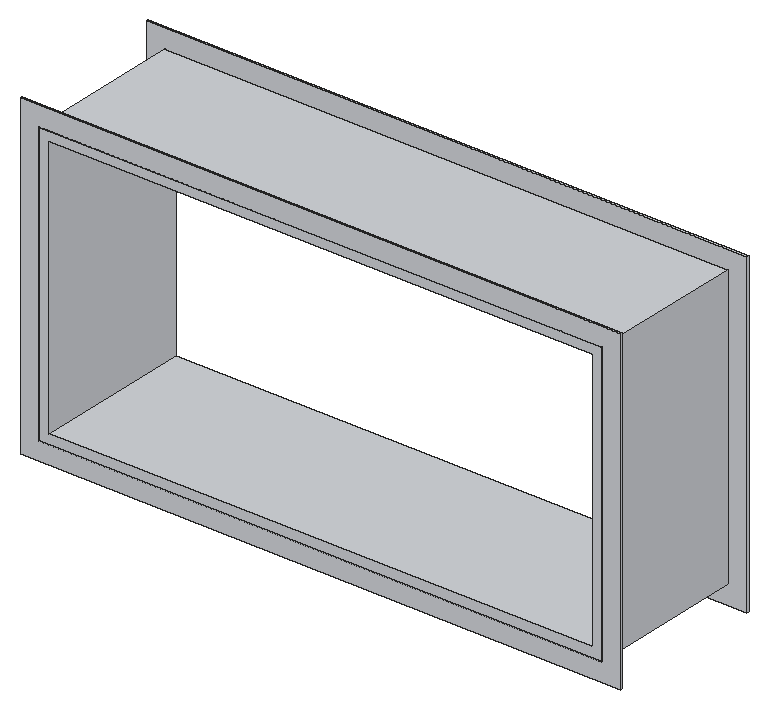
Revit family "Обратный клапан FL", category Оборудование, Revit 2022
Family settings
  Размер круглого соединителя = Использовать диаметр
  Тип детали = Нормальный
  На основе рабочей плоскости = Нет
  Всегда вертикально = Нет
  При загрузке вырезать с полостями = Нет
  Сохранять ориентацию аннотаций = Нет
  Общий = Нет
  Точка принадлежности помещению = Нет
Parameters (values of type "FL 60-30")
  Отметка по умолчанию = 0 mm
  Изготовитель = "WAER"  # constant formula
  Keynote = ""
  URL = "https://waer-air.com/"
  ADSK_Система_Имя [instance] = ""
  ADSK_Расход воздуха = 0.0 m³/s
  ADSK_Размер_Ширина = 600 mm
  ADSK_Размер_Высота = 300 mm
  ADSK_Потеря давления воздуха = 0.0 Pa
  ADSK_Наименование краткое = "FL 60-30"
  ADSK_Наименование = "Обратный клапан FL 60-30"
  ADSK_Масса_Текст = "6.1"
  ADSK_Масса = 6.1
  ADSK_Марка = ""
  ADSK_Количество = 1  # constant formula
  ADSK_Код изделия = ""
  ADSK_Завод-изготовитель = "WAER"  # constant formula
  ADSK_Единица измерения = "шт."  # constant formula
Types (9, lengths in mm): name | ADSK_Размер_Ширина | ADSK_Размер_Высота | ADSK_Наименование краткое | ADSK_Наименование | ADSK_Масса_Текст | ADSK_Масса
  FL 40-20 | 400 | 200 | "FL 40-20" | "Обратный клапан FL 40-20" | "4.4" | 4.4
  FL 50-25 | 500 | 250 | "FL 50-25" | "Обратный клапан FL 50-25" | "5.2" | 5.2
  FL 50-30 | 500 | 300 | "FL 50-30" | "Обратный клапан FL 50-30" | "5.5" | 5.5
  FL 60-30 | 600 | 300 | "FL 60-30" | "Обратный клапан FL 60-30" | "6.1" | 6.1
  FL 60-35 | 600 | 350 | "FL 60-35" | "Обратный клапан FL 60-35" | "6.4" | 6.4
  FL 70-40 | 700 | 400 | "FL 70-40" | "Обратный клапан FL 70-40" | "8.7" | 8.7
  FL 80-50 | 800 | 500 | "FL 80-50" | "Обратный клапан FL 80-50" | "10.7" | 10.7
  FL 90-50 | 900 | 500 | "FL 90-50" | "Обратный клапан FL 90-50" | "11.5" | 11.5
  FL 100-50 | 1000 | 500 | "FL 100-50" | "Обратный клапан FL 100-50" | "12.5" | 12.5
Reference planes
  plane 1 "По центру (Вперед/Назад)": y = 0
  plane 2: z = 0
  plane 3 "По центру (Влево/Вправо)": x = 0
  plane 4: x = -300
  plane 5: x = 300
  plane 6: z = -150
  plane 7: z = 150
  plane 8: y = -85
  plane 9: y = 85
Forms (mm)
  Extrusion 1, solid
    sketch origin (0, 0, 0) x (1, 0, 0) y (0, 0, 1)
      loop
        line (-300, 150) -> (-300, -150) -> (300, -150) -> (300, 150) -> (-300, 150)
      loop
        line (-290, 140) -> (-290, -140) -> (290, -140) -> (290, 140) -> (-290, 140)
    from -85 to 85
  Sweep 2, solid
    path in 3D
      loop
        line (-300, -85, 150) -> (-300, -85, -150) -> (300, -85, -150) -> (300, -85, 150) -> (-300, -85, 150)
    profile origin (0, -85, 150) x (0, -1, 0) y (0, 0, 1)
      loop
        line (0, 0) -> (0, 20) -> (-2, 20) -> (-2, 0) -> (0, 0)
  Sweep 3, solid
    path in 3D
      loop
        line (300, 85, 150) -> (300, 85, -150) -> (-300, 85, -150) -> (-300, 85, 150) -> (300, 85, 150)
    profile origin (0, 85, 150) x (0, 1, 0) y (0, 0, 1)
      loop
        line (0, 0) -> (0, 20) -> (-2, 20) -> (-2, 0) -> (0, 0)
Lines and regions (mm)
  sketch lines
    curve 1: line (300, -85, 150) -> (-300, -85, 150)
    curve 2: line (-300, -85, 150) -> (-300, -85, -150)
    curve 3: line (-300, -85, -150) -> (300, -85, -150)
    curve 4: line (300, -85, -150) -> (300, -85, 150)
    curve 5: line (-300, 85, 150) -> (300, 85, 150)
    curve 6: line (300, 85, 150) -> (300, 85, -150)
    curve 7: line (300, 85, -150) -> (-300, 85, -150)
    curve 8: line (-300, 85, -150) -> (-300, 85, 150)
Dimensions and locks
  equal spacing: plane 5, plane 3 "По центру (Влево/Вправо)", plane 4
  "ADSK_Размер_Ширина": plane 5 to plane 4
  equal spacing: plane 7, plane 2, plane 6
  "ADSK_Размер_Высота": plane 7 to plane 6
  equal spacing: plane 9, plane 1 "По центру (Вперед/Назад)", plane 8
  locked: plane 9 to plane 8 at 170
  locked: Extrusion 1 sketch curve to Extrusion 1 sketch curve at 10  (x4)
  plane 8 to plane 9 = 170 mm
  aligned and locked: level to plane 2
  aligned and locked: Extrusion 1 sketch curve to plane 7
  aligned and locked: plane 4 to Extrusion 1 sketch curve
  aligned and locked: plane 6 to Extrusion 1 sketch curve
  aligned and locked: Extrusion 1 sketch curve to plane 5
  aligned and locked: plane 9 to Extrusion 1
  aligned and locked: Extrusion 1 to plane 8
Automatic sketch dimensions
  Sweep 2 sketch curve to profile plane = 0 mm  (x2)
  profile plane to Sweep 2 sketch curve = 2 mm
  profile plane to Sweep 2 sketch curve = 20 mm
  Sweep 3 sketch curve to profile plane = 0 mm  (x2)
  profile plane to Sweep 3 sketch curve = 2 mm
  profile plane to Sweep 3 sketch curve = 20 mm
Connectors
  hvac at (0, -85, 0), driven by "ADSK_Размер_Высота", driven by "ADSK_Размер_Ширина"
    settings: on Extrusion 1, index 1, duct flow 0.0 m³/s, flow factor 0, pres drop 0.0 Pa, loss coef 0, conn angle 0.00°, conn width 600 mm, conn height 300 mm, conn diameter 609.6 mm, duct sys type 29, conn prof type 1, flow config 0, flow direction 0, loss method 0, conn ref index 2, conn util no, is conn primary yes, conn desc ""
  hvac at (0, 85, 0), driven by "ADSK_Размер_Высота", driven by "ADSK_Размер_Ширина"
    settings: on Extrusion 1, index 2, duct flow 0.0 m³/s, flow factor 0, pres drop 0.0 Pa, loss coef 0, conn angle 0.00°, conn width 600 mm, conn height 300 mm, conn diameter 609.6 mm, duct sys type 29, conn prof type 1, flow config 0, flow direction 0, loss method 0, conn ref index 1, conn util no, is conn primary no, conn desc ""
